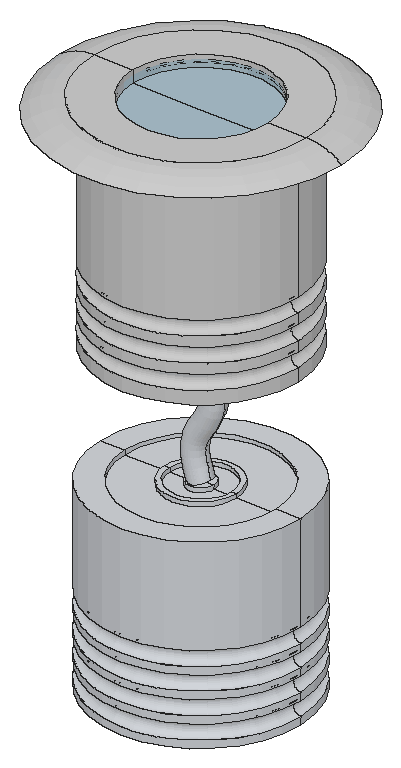
Revit family "SLIM INGROUND 2W ASIMETRICO_LKC0126WW", category Luminarias, Revit 2019
Family settings
  Cota de conector redondo = Diámetro de uso
  Tipo de pieza = Normal
  Se basa en plano de trabajo = Sí
  Siempre vertical = No
  Corte con vacíos al cargar = No
  Origen de luz = Sí
  Compartido = No
  Punto de cálculo de habitación = No
Parameters (values of type "EMP_LKC0126WW")
  Ángulo de inclinación = 30.00°
  Ángulo de enfoque = 30.00°
  Ángulo de campo de foco = 30.00°
  Zone [instance] = ""
  Watt per fixture = 3.2
  Wattage = 3.2 W
  built-in parameter 1150107 = 3000 (stored number, unit not read)
  built-in parameter 1150110 = 1 (stored number, unit not read)
  built-in parameter 1150109 = 1 (stored number, unit not read)
  built-in parameter 1150112 = 1 (stored number, unit not read)
  built-in parameter 1150113 = 1 (stored number, unit not read)
  built-in parameter 1114218 = 1 (stored number, unit not read)
  Keynote = ""
  built-in parameter 1150137 = (empty or 0)
  built-in parameter 1150132 = (empty or 0)
  Modelo = "LKC0126WW"
  Lámpara = "OSRAM"
  Longitud de símbolo de origen de luz = 500 mm
  built-in parameter 1150105 = 710.75 (stored number, unit not read)
  built-in parameter 1150102 = (empty or 0)
  built-in parameter 1150106 = 7.1075 (stored number, unit not read)
  Lumens = 109.984 lm
  Color Filter = 16777215
  built-in parameter 1114217 = 1 (stored number, unit not read)
  built-in parameter 1150139 = (empty or 0)
  Fabricante = "BRILLANT"
  Default Elevation = 0 mm
  built-in parameter 1150104 = 3.1931 (stored number, unit not read)
  Descripción = "LUMINARIA TIPO CIRCULAR PARA EMPOTRAR EN PISO CON CUERPO DE ALUMINIO FUNDIDO A PRESION CUBIERTO CON POLVO GRIS OSCURO, CON CUBIERTA DE ACERO INOXIDABLE Y VIDRIO TEMPLADO DE 7MM, INSTALACION EMPOTRABLE EN PISO CON POCO ESPACIO, USO PARA INTERIORES COMO EXTERIORES CON IP 67, CUENTA CON 1 LED TIPO OSRAM CON UNA POTENCIA TOTAL DE 3.2W, A UNA TEMPERATURA EN BLANCO CALIDO 3000K CON 110 LUMENES, 46mA EN CORRIENTE DE OPERACIÓN, IK08, IRC 80, DISPONIBLE PARA ATENUAR EN TRIAC, APERTURA ASIMETRICA, ALIMENTADA A 100-240V"
  built-in parameter 1150115 = 1 (stored number, unit not read)
  built-in parameter 1150114 = 1 (stored number, unit not read)
  Comentarios de vataje = "100-240V"
  built-in parameter 1150138 = (empty or 0)
  built-in parameter 1150134 = (empty or 0)
  Circuit [instance] = ""
  Dimming Lamp Color Temperature Shift = (empty or 0)
  built-in parameter 1150133 = 10 (stored number, unit not read)
Reference planes
  plane 1 "Centro (Frontal/Posterior)": y = 0
  plane 2: z = 0
  plane 3 "Centro (Izquierda/Derecha)": x = 0
  plane 4: z = -43
  plane 5: z = -43
Forms (mm)
  Revolve 1, solid, material "Acero Inoxidable"
    sketch origin (0, 0, 0) x (1, 0, 0) y (0, 0, 1)
      loop
        line (-13.888, 2.379) -> (-21.807, 2.379)
        arc (-21.807, 2.379) -> (-25.595, 1.769) -> (-29, 0) r 12.065
        line (-29, 0) -> (-20, 0) -> (-20, -27.422)
        arc (-20, -27.422) -> (-18.501, -28.92) -> (-20, -30.419) r 1.499
        line (-20, -30.419) -> (-20, -32.422)
        arc (-20, -32.422) -> (-18.501, -33.92) -> (-20, -35.419) r 1.499
        line (-20, -35.419) -> (-20, -37.422)
        arc (-20, -37.422) -> (-18.501, -38.92) -> (-20, -40.419) r 1.499
        line (-20, -40.419) -> (-20, -43) -> (0, -43) -> (0, 0) -> (-13.888, 0) -> (-13.888, 2.379)
      axis (0, 2.379) -> (0, -43)
    angle from 0 to 360
  Extrusion 2, solid, material "Cristal"
    sketch origin (0, 0, 0) x (1, 0, 0) y (0, 1, 0)
      loop
        circle (0, 0) r 13.888
    from 0.921 to 1.499
  Revolve 3, solid
    sketch origin (0, 0, 0) x (1, 0, 0) y (0, 0, 1)
      loop
        line (0, -68) -> (-2.74, -68) -> (-2.74, -68.8) -> (-6.359, -68.8) -> (-6.359, -68) -> (-7.33, -68) -> (-7.33, -68.8) -> (-15.5, -68.8) -> (-15.5, -68) -> (-20.5, -68) -> (-20.5, -87.886)
        arc (-20.5, -87.886) -> (-19, -89.386) -> (-20.5, -90.886) r 1.5
        line (-20.5, -90.886) -> (-20.5, -92.386)
        arc (-20.5, -92.386) -> (-19, -93.886) -> (-20.5, -95.386) r 1.5
        line (-20.5, -95.386) -> (-20.5, -96.886)
        arc (-20.5, -96.886) -> (-19, -98.386) -> (-20.5, -99.886) r 1.5
        line (-20.5, -99.886) -> (-20.5, -101.386)
        arc (-20.5, -101.386) -> (-19, -102.886) -> (-20.5, -104.386) r 1.5
        line (-20.5, -104.386) -> (-20.5, -105.886) -> (-5.287, -105.886) -> (-5.287, -106.7) -> (-3.687, -106.7) -> (-3.687, -107.5) -> (0, -107.5) -> (0, -68)
      axis (0, -107.5) -> (0, -68)
    angle from 0 to 360
  Sweep 4, solid
    path origin (0, 0, 0) x (1, 0, 0) y (0, 0, 1)
      loop
        spline (0, -43) -> (1.657, -46.367) -> (2.52, -49.202) -> (2.752, -51.568) -> (2.514, -53.527) -> (1.969, -55.145) -> (1.246, -56.519) -> (0.453, -57.778) -> (-0.303, -59.048) -> (-0.913, -60.464) -> (-1.208, -62.242) -> (-0.975, -64.66) -> (0, -68)
    profile origin (1.246, 0, -56.519) x (0.858036, 0, -0.513589) y (0, -1, 0)
      loop
        circle (0, 0) r 2.272
Dimensions and locks
  level to plane 4 = 43 mm
  plane 2 to plane 5 = 43 mm
  aligned and locked: level to plane 2
Connectors
  electrical at (0, 0, -107.5)
    settings: on Revolve 3, index 1, voltage 240 V, apparent load 0 VA, apparent load phase1 0 VA, apparent load phase2 0 VA, apparent load phase3 0 VA, power factor 1, load classification "Otro", number of poles 1, system type 31, power factor state 1, is connector primary yes, connector utility no, sub classification motor no, connector description ""
